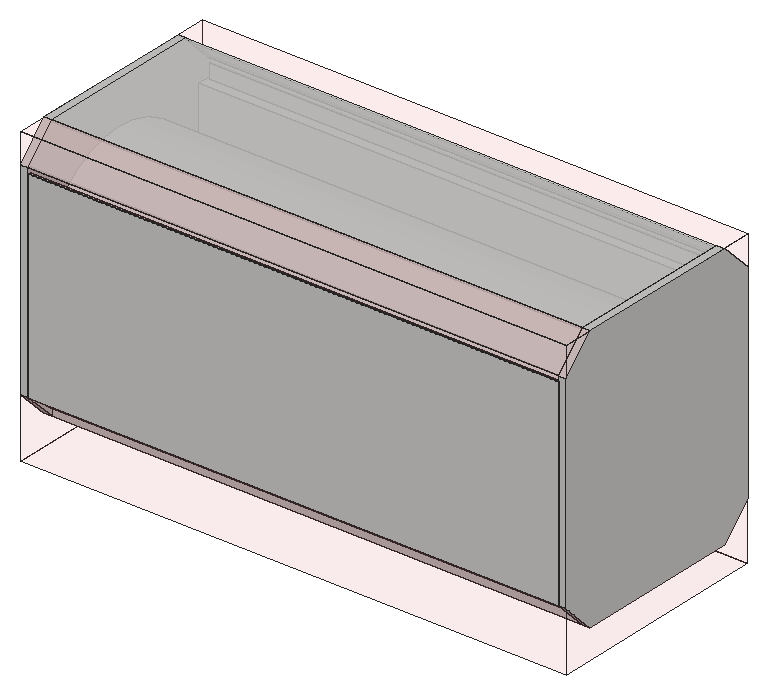
Revit family "Air-Curtain_Climate-Control_PoweredAire_ECE-E", category Mechanical Equipment, host Face, Revit 2018
Family settings
  Host = Face
  Round Connector Dimension = Use Diameter
  Part Type = Normal
  OmniClass Number = 23.75.35.17.21
  OmniClass Title = Air Curtains
  Cut with Voids When Loaded = No
  Shared = No
  Room Calculation Point = No
Parameters
  Warranty Duration (Years) = 0
  Unit Width Notes = "Other Widths available."  # constant formula
  Unit Width = 3' - 0"
  Unit Weight = 0
  Unit Height = 1' - 3"
  Unit Depth = 1' - 5 1/2"
  URL = "http://www.poweredaire.com/"
  Test Data = ""
  Temperature Rise_Range = "as Specified"
  Standards Conformance = "as Specified"
  Specification = "http://www.arcat.com/sdspecs/htm04/23_34_33pai.htm"
  SpecWizard = ""
  Sound Pressure = "as Specified"
  Sales Information = "http://www.poweredaire.com/contact_us"
  Revision = "R1_2016-08"
  Projection from Host [instance] = 0' - 2"
  Product Properties = ""
  Product Data = "http://www.arcat.com/arcatcos/cos47/arc47623.html"
  Power Rating = 0 W
  Outlet Volume_Range = "as Specified"
  Outlet Velocity_Range = "as Specified"
  Nozzle Width = if(1 = 1, Unit Width - 0' 1", 0' 0")  # 2' - 11"
  Mounting Width = if(1 = 1, Unit Width - 0' 0 15/16", 0' 0")  # 2' - 11 1/16"
  Mounting Height [instance] = 3' - 6"
  Motor RPM = 0
  Motor HP = 0
  Motor Count = 0
  Model = "As Specified"
  Max Height = 0' - 0"
  Manufacturer Website = "http://www.poweredaire.com/"
  Manufacturer Phone - Toll Free = "888-321-2473"
  Manufacturer Phone = "724-588-3305"
  Manufacturer Fax = "724-588-3371"
  Manufacturer Address = "109 Mortensen Rd.  Greenville, PA 16125"
  Manufacturer = "Powered Aire, Inc"
  Maintenance Schedule (Months) = 0
  Keynote = "23 34 33"
  Installation-Fabrication = ""
  Installation Phase = ""
  Include Clearance [instance] = yes
  Heating Element Load = 0 W
  HVAC_Temperature Rise [instance] = 0 °F
  HVAC_Outlet Volume [instance] = 0 CFM
  HVAC_Outlet Velocity Uniformity = 0
  HVAC_Outlet Velocity [instance] = 0 FPM
  Green Building-LEED = "http://www.arcat.com/green/clients/leed_data_47623.html"
  Front Grating Material [instance] = Metal - Steel - PoweredAire - Stainless 304 Perforated
  Frame Finish [instance] = Metal - Steel - PoweredAire - Stainless 304
  Expected Lifespan (Years) = 0
  Electrical_Wattage [instance] = Power Rating + Heating Element Load  # 0 W
  Electrical_Voltage [instance] = 0 V
  Electrical_Phase [instance] = 1
  Electrical_Frequency [instance] = 0 Hz
  Electrical_Amperage [instance] = 0 A
  Drawn By = "Sumex Design, Inc. / Robert S. Weygant, CSI, CDT, SCIP"
  Description = "Powered Aire Air Curtain as Specified"
  Default Elevation = 0' - 0"  # constant formula
  Copyright = "©Arcat Inc."
  Construction Details = "http://www.arcat.com/details/powair/prod3336.html"
  Clearance_Top [instance] = 0' - 0"
  Clearance_Side B [instance] = 0' - 0"
  Clearance_Side A [instance] = 0' - 0"
  Clearance_Intake [instance] = 0' - 0"
  Clearance_Bottom [instance] = 0' - 0"
  Clearance Material [instance] = ARCAT Clearance
  Building Codes = ""
  Available Options [instance] = "as Specified"
  Assembly Code = "D3090400"
Reference planes (in)
  plane 1 "Center (Elevation)": y = 0.13818
  plane 2: z = 0
  plane 3 "Center (Left/Right)": x = 0
  plane 4: y = 7.63818
  plane 5: y = -7.36182
  plane 6: x = -18
  plane 7: x = 18
  plane 8: z = 19.5
  plane 9 "FF": y = -41.86182
  plane 10: z = 2
  plane 11: x = 17.5
  plane 12: x = -17.5
  plane 13: y = 7.63818
  plane 14: y = -7.36182
  plane 15: x = -18
  plane 16: x = 18
  plane 17: z = 19.5
Forms (in)
  Extrusion 1, solid, material "Metal - Steel - PoweredAire - Stainless 304" <- "Frame Finish"
    sketch origin (0, 0, 0) x (0, 1, 0) y (0, 0, 1)
      loop
        line (5.69363, 2) -> (7.63818, 3.94454) -> (7.63818, 17.55546) -> (5.69363, 19.5) -> (-5.41728, 19.5) -> (-7.36182, 17.55546) -> (-7.36182, 3.94454) -> (-5.41728, 2) -> (5.69363, 2)
    from 17.5 to 18
  Extrusion 2, solid, material "Metal - Steel - PoweredAire - Stainless 304" <- "Frame Finish"
    sketch origin (0, 0, -0.5) x (0, 1, 0) y (0, 0, 1)
      loop
        circle (0.13818, 10.9739) r 6.25
      loop
        line (6.63818, 16.89427) -> (6.63818, 5.87829) -> (7.33849, 5.87829) -> (7.33849, 16.89427) -> (6.63818, 16.89427)
      loop
        line (-7.02798, 16.76927) -> (-7.02798, 5.75329) -> (-6.36182, 5.75329) -> (-6.36182, 16.76927) -> (-7.02798, 16.76927)
    from -17.5 to 17.5
  Extrusion 3, solid, material "Metal - Steel - PoweredAire - Stainless 304" <- "Frame Finish"
    sketch origin (0, 0, 0) x (0, 1, 0) y (0, 0, -1)
      loop
        line (5.69363, -2) -> (-5.41728, -2) -> (-7.36182, -3.94454) -> (-7.36182, -17.55546) -> (-5.41728, -19.5) -> (5.69363, -19.5) -> (7.63818, -17.55546) -> (7.63818, -3.94454) -> (5.69363, -2)
    from 17.5 to 18
  Extrusion 4, solid, material "Metal - Steel - PoweredAire - Stainless 304" <- "Frame Finish"
    sketch origin (0, 0, 0) x (0, 1, 0) y (0, 0, 1)
      loop
        line (-5.41728, 2) -> (5.69363, 2) -> (7.63818, 3.94454) -> (7.63818, 17.19454) -> (7.51318, 17.19454) -> (7.51318, 3.99632) -> (5.64186, 2.125) -> (-5.29228, 2.125) -> (-5.29228, 4.06954) -> (-7.23682, 4.06954) -> (-7.23682, 17.19454) -> (-7.36182, 17.19454) -> (-7.36182, 3.94454) -> (-5.41728, 3.94454) -> (-5.41728, 2)
      loop
        line (-6.64819, 3.61034) -> (-5.8702, 2.83235) -> (-5.74472, 2.95783) -> (-6.52271, 3.73583) -> (-6.64819, 3.61034)
    from -17.5 to 17.5
  Extrusion 5, solid, material "Metal - Steel - PoweredAire - Stainless 304 Perforated" <- "Front Grating Material"
    sketch origin (0, 0, 0) x (0, 1, 0) y (0, 0, 1)
      loop
        line (-7.36182, 17.19454) -> (-7.23682, 17.19454) -> (-7.23682, 17.50368) -> (-5.3655, 19.375) -> (5.64186, 19.375) -> (7.51318, 17.50368) -> (7.51318, 17.19454) -> (7.63818, 17.19454) -> (7.63818, 17.55546) -> (5.69363, 19.5) -> (-5.41728, 19.5) -> (-7.36182, 17.55546) -> (-7.36182, 17.19454)
    from -17.5 to 17.5
  Extrusion 6, solid, material "ARCAT Clearance" <- "Clearance Material", visible <- "Include Clearance"
    sketch origin (0, 0, 0) x (0, 1, 0) y (0, 0, 1)
      loop
        line (-7.36182, 19.5) -> (-7.36182, 0) -> (7.63818, 0) -> (7.63818, 19.5) -> (-7.36182, 19.5)
    from -18 to 18
Dimensions and locks (in)
  equal spacing: plane 4, plane 1 "Center (Elevation)", plane 5
  "Unit Height": plane 4 to plane 5
  equal spacing: plane 6, plane 3 "Center (Left/Right)", plane 7
  "Unit Width": plane 6 to plane 7
  "Mounting Height": plane 1 "Center (Elevation)" to plane 9 "FF"
  "Projection from Host": plane 10 to level
  "Unit Depth": plane 8 to plane 10
  locked: plane 6 to plane 12 at 0.5
  locked: plane 11 to plane 7 at 0.5
  "Clearance_Side A": plane 7 to plane 16
  "Clearance_Side B": plane 15 to plane 6
  "Clearance_Top": plane 13 to plane 4
  "Clearance_Bottom": plane 5 to plane 14
  "Clearance_Intake": plane 17 to plane 8
  aligned and locked: plane 2 to host face
  aligned and locked: level to host face
  aligned and locked: plane 7 to Extrusion 1
  aligned and locked: Extrusion 1 to plane 11
  aligned and locked: plane 12 to Extrusion 3
  aligned and locked: Extrusion 3 to plane 6
  aligned and locked: Extrusion 2 to plane 12
  aligned and locked: plane 11 to Extrusion 2
  aligned and locked: plane 11 to Extrusion 4
  aligned and locked: Extrusion 4 to plane 12
  aligned and locked: plane 11 to Extrusion 5
  aligned and locked: Extrusion 5 to plane 12
  aligned and locked: Extrusion 6 sketch curve to plane 17
  aligned and locked: plane 14 to Extrusion 6 sketch curve
  aligned and locked: level to Extrusion 6 sketch curve
  aligned and locked: Extrusion 6 sketch curve to plane 13
  aligned and locked: plane 16 to Extrusion 6
  aligned and locked: Extrusion 6 to plane 15
Automatic sketch dimensions
  host sketch curve to host sketch curve = 8' - 0"  (x2)
  Extrusion 1 sketch curve to plane 5 = 0' - 0"
  Extrusion 1 sketch curve to plane 8 = 0' - 0"
  Extrusion 1 sketch curve to plane 10 = 0' - 0"
  Extrusion 1 sketch curve to plane 4 = 0' - 0"
  plane 5 to Extrusion 1 sketch curve = 0' - 1.94454"  (x2)
  Extrusion 1 sketch curve to plane 4 = 0' - 1.94454"  (x2)
  plane 10 to Extrusion 1 sketch curve = 0' - 1.94454"  (x2)
  Extrusion 1 sketch curve to plane 8 = 0' - 1.94454"  (x2)
  Extrusion 2 sketch curve to plane 1 "Center (Elevation)" = 0' - 0"
  plane 5 to Extrusion 2 sketch curve = 0' - 1"
  plane 5 to Extrusion 2 sketch curve = 0' - 0.33384"
  Extrusion 2 sketch curve to plane 4 = 0' - 1"
  Extrusion 2 sketch curve to plane 4 = 0' - 0.29969"
  plane 10 to Extrusion 2 sketch curve = 0' - 3.37829"
  plane 10 to Extrusion 2 sketch curve = 0' - 3.25329"
  Extrusion 2 sketch curve to plane 8 = 0' - 9.0261"
  Extrusion 2 sketch curve to plane 8 = 0' - 3.23073"
  Extrusion 2 sketch curve to plane 8 = 0' - 3.10573"
  Extrusion 3 sketch curve to plane 5 = 0' - 0"
  Extrusion 3 sketch curve to plane 8 = 0' - 0"
  Extrusion 3 sketch curve to plane 10 = 0' - 0"
  Extrusion 3 sketch curve to plane 4 = 0' - 0"
  plane 5 to Extrusion 3 sketch curve = 0' - 1.94454"  (x2)
  Extrusion 3 sketch curve to plane 4 = 0' - 1.94454"  (x2)
  Extrusion 3 sketch curve to plane 8 = 0' - 1.94454"  (x2)
  plane 10 to Extrusion 3 sketch curve = 0' - 1.94454"  (x2)
  Extrusion 4 sketch curve to plane 5 = 0' - 0"
  Extrusion 4 sketch curve to plane 10 = 0' - 0"
  Extrusion 4 sketch curve to plane 4 = 0' - 0"
  plane 5 to Extrusion 4 sketch curve = 0' - 0 1/8"
  plane 5 to Extrusion 4 sketch curve = 0' - 0.71363"
  Extrusion 4 sketch curve to Extrusion 4 sketch curve = 0' - 0.12548"  (x2)
  Extrusion 4 sketch curve to Extrusion 4 sketch curve = 0' - 0.778"
  Extrusion 4 sketch curve to Extrusion 4 sketch curve = 0' - 0.32744"
  Extrusion 4 sketch curve to Extrusion 4 sketch curve = 0' - 0 1/8"  (x2)
  plane 10 to Extrusion 4 sketch curve = 0' - 0 1/8"
  Extrusion 4 sketch curve to plane 4 = 0' - 1.99632"
  Extrusion 4 sketch curve to Extrusion 4 sketch curve = 0' - 0.05178"  (x2)
  plane 10 to Extrusion 4 sketch curve = 0' - 0.83235"
  plane 10 to Extrusion 4 sketch curve = 0' - 1.94454"
  Extrusion 4 sketch curve to Extrusion 4 sketch curve = 0' - 0.3342"
  Extrusion 4 sketch curve to plane 4 = 0' - 0 1/8"
  Extrusion 4 sketch curve to plane 8 = 0' - 2.30546"  (x2)
  Extrusion 5 sketch curve to plane 5 = 0' - 0"
  Extrusion 5 sketch curve to plane 8 = 0' - 0"
  Extrusion 5 sketch curve to plane 4 = 0' - 0"
  plane 5 to Extrusion 5 sketch curve = 0' - 0 1/8"
  plane 5 to Extrusion 5 sketch curve = 0' - 1.94454"
  Extrusion 5 sketch curve to plane 8 = 0' - 0 1/8"
  Extrusion 5 sketch curve to Extrusion 5 sketch curve = 0' - 0.05178"  (x4)
  Extrusion 5 sketch curve to plane 4 = 0' - 1.99632"
  Extrusion 5 sketch curve to plane 8 = 0' - 1.94454"  (x2)
  Extrusion 5 sketch curve to Extrusion 5 sketch curve = 0' - 0 1/8"
  Extrusion 5 sketch curve to Extrusion 5 sketch curve = 0' - 0.30914"  (x2)
  radius of Extrusion 2 sketch curve = 0' - 6 1/4"
Connectors (in)
  electrical at (0, 7.63818, 10.56954), driven by "Electrical_Phase", driven by "Electrical_Voltage"
    settings: on Extrusion 4, index 1, voltage 0 V, apparent load 0 VA, apparent load phase1 0 VA, apparent load phase2 0 VA, apparent load phase3 0 VA, power factor 1, load classification "Motor", number of poles 1, system type 31, power factor state 1, is connector primary yes, connector utility no, sub classification motor no, connector description ""
